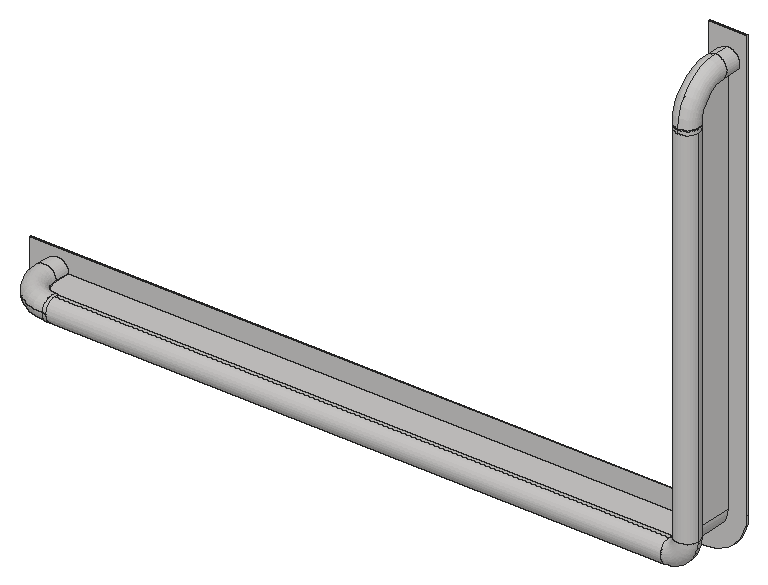
Revit family "Grab Rail_Metlam_90 Deg_Anti Ligature_Left", category Specialty Equipment, Revit 2016
Family settings
  Part Type = Normal
  Round Connector Dimension = Use Diameter
  OmniClass Number = 23.40.20.21.47
  OmniClass Title = Bath Grab Bars
  Work Plane-Based = No
  Always vertical = Yes
  Cut with Voids When Loaded = No
  Shared = No
  Room Calculation Point = Yes
Parameters (values of type "982w x 90d x 632d (MLR103_AL)")
  Width = 982 mm  # constant formula
  URL = "http://www.metlam.com.au/"
  Type Comments = "Grab Rails"  # constant formula
  Model = "MLR103_AL"
  Material_ANZRS = z_Metlam_Metal_Stainless Steel_Satin
  Manufacturer_Width = 950 mm  # constant formula
  Manufacturer_URL__Product Specific = "https://metlam.com.au/product/content/anti-ligature-products/MLR103_AL_"
  Manufacturer_Spec Code = Model  # "MLR103_AL"
  Manufacturer_Height From FFL [instance] = 800 mm
  Manufacturer_Height = 600 mm  # constant formula
  Manufacturer_Depth = Depth  # 90 mm
  Manufacturer = "Metlam"  # constant formula
  Keynote = ""
  Height = 632 mm  # constant formula
  Description = "90° Anti-Ligature Left Hand Grab Rail"  # constant formula
  Depth = 90 mm  # constant formula
  CreatedBy_ANZRS = "IGS BIM Solutions"  # constant formula
  CreatedByURL_ANZRS = "http://www.igsgroup.com.au/"
  Assembly Code = ""
Reference planes
  plane 1 "Back": y = 0
  plane 2 "Ref. Level": z = 0
  plane 3 "Horizontal Rail_Centre (Elevation)": z = 784
  plane 4 "Horizontal Rail_ Centre (Left/Right)": x = -336
  plane 5 "Front": y = -90
  plane 6 "Vertical Rail_Centre (Left/Right)": x = 614
  plane 7 "Vertical Rail_Centre (Elevation)": z = 1384
  plane 8 "Mounting Height": z = 800
  plane 9 "Left": x = -375
  plane 10 "Horizontal Rail_Left": x = -352
  plane 11 "Vertical Rail_Right": x = 630
  plane 12 "Right": x = 641.5
  plane 13 "Vertical Rail_Left": x = 598
  plane 14 "Horizontal Rail_Bottom": z = 768
  plane 15 "Bottom": z = 756.5
  plane 16 "Vertical Rail_Top": z = 1400
  plane 17 "Top": z = 1423
Forms (mm)
  Sweep 1, solid, material "z_Metlam_Metal_Stainless Steel_Satin" <- "Material_ANZRS"
    path origin (514, 0, 0) x (1, 0, 0) y (0, 0, 1)
      loop
        line (-795, 784) -> (75, 784)
        arc (75, 784) -> (92.678, 791.322) -> (100, 809) r 25
        line (100, 809) -> (100, 1327.713)
    profile origin (154, 0, 784) x (0, 0, 1) y (0, -1, 0)
      loop
        circle (0, 74) r 16
  Sweep 2, solid, material "z_Metlam_Metal_Stainless Steel_Satin" <- "Material_ANZRS"
    path origin (347.969, 0, 784) x (0, -1, 0) y (1, 0, 0)
      loop
        line (0, -683.969) -> (24, -683.969)
        arc (24, -683.969) -> (59.355, -669.325) -> (74, -633.969) r 50
        line (74, -633.969) -> (74, -628.969)
    profile origin (-283.5, -74, 784) x (0, 1, 0) y (0, 0, 1)
      loop
        circle (0, 0) r 16
  Sweep 3, solid, material "z_Metlam_Metal_Stainless Steel_Satin" <- "Material_ANZRS"
    path origin (614, 0, 0) x (0, 1, 0) y (0, 0, 1)
      loop
        line (0, 1384) -> (-24, 1384)
        arc (-24, 1384) -> (-59.355, 1369.355) -> (-74, 1334) r 50
        line (-74, 1334) -> (-74, 1332.713) -> (-74, 1327.713)
    profile origin (614, -12, 1384) x (0, 0, -1) y (1, 0, 0)
      loop
        circle (0, 0) r 16
  Sweep 4, solid, material "z_Metlam_Metal_Stainless Steel_Satin" <- "Material_ANZRS"
    path origin (514, 0, 0) x (1, 0, 0) y (0, 0, 1)
      loop
        line (-889, 784) -> (70, 784)
        arc (70, 784) -> (91.213, 792.787) -> (100, 814) r 30
        line (100, 814) -> (100, 1423)
    profile origin (104.5, 0, 784) x (0, 0, 1) y (0, -1, 0)
      loop
        line (27.5, 0) -> (27.5, 2) -> (-27.5, 2) -> (-27.5, 0) -> (27.5, 0)
  Sweep 5, solid, material "z_Metlam_Metal_Stainless Steel_Satin" <- "Material_ANZRS"
    path origin (514, 0, 0) x (1, 0, 0) y (0, 0, 1)
      loop
        line (-850, 781.5) -> (70, 781.5)
        arc (70, 781.5) -> (91.213, 790.287) -> (100, 811.5) r 30
        line (100, 811.5) -> (100, 1384)
    profile origin (124, 0, 781.5) x (0, 0, 1) y (0, -1, 0)
      loop
        line (0.5, 2) -> (2.5, 2) -> (2.5, 58.197) -> (0.5, 58.197) -> (0.5, 2)
Cuts and joins
  joined: Sweep 1, Sweep 2, Sweep 3
Lines and regions (mm)
  Masking region 1
    outline origin (0, 0, 784) x (-1, 0, 0) y (0, -1, 0)
      loop
        line (-630, 2) -> (-641.5, 2) -> (-641.5, 0) -> (375, 0) -> (375, 2) -> (352, 2) -> (352, 24)
        arc (352, 24) -> (332.669, 70.669) -> (286, 90) r 66
        line (286, 90) -> (-614, 90)
        arc (-614, 90) -> (-625.314, 85.314) -> (-630, 74) r 16
        line (-630, 74) -> (-630, 2)
  symbolic lines, style "Grab Rails", detail levels medium+fine
    curve 1: line (630.001, -2, 784) -> (-352, -2, 784)
    curve 2: line (598, -74, 784) -> (598, -2, 784)
    curve 3: arc (598, -74, 784) -> (602.686, -85.314, 784) -> (614, -90, 784) r 16
    curve 4: line (598, -58, 784) -> (-286, -58, 784)
    curve 5: arc (-286, -58, 784) -> (-310.042, -48.042, 784) -> (-320, -24, 784) r 34
    curve 6: line (-320, -24, 784) -> (-320, -2, 784)
  symbolic lines, style "Grab Rails", detail levels fine
    curve 7: line (586.5, -2, 784) -> (586.5, 0, 784)
  symbolic lines, style "Grab Rails"
    curve 8: arc (-336, -90, 768) -> (-352, -90, 784) -> (-336, -90, 800) r 16
    curve 9: arc (598, -90, 1384) -> (614, -90, 1400) -> (630, -90, 1384) r 16
Text (mm)
  text "> Contact Manufacturer to confirm feasibility of design variations outside the scope of this Revit Family\n\n\n\nDisclaimer:\n\nDue to ongoing product development and manufacturing evolution, product details are subject to change without notice. Please refer to product technical data sheets on the manufacturer’s website for the most current product information. Please allow a +/- 5mm manufacturing tolerance for dimensions and set-outs shown in product literature." at (798.201, 322.72, 0), in view "Ref. Level_Instruction"
Dimensions and locks
  "Manufacturer_Height From FFL": plane 8 "Mounting Height" to plane 2 "Ref. Level"
  "Manufacturer_Width": plane 4 "Horizontal Rail_ Centre (Left/Right)" to plane 6 "Vertical Rail_Centre (Left/Right)"
  "Depth": plane 5 "Front" to plane 1 "Back"
  "Manufacturer_Height": plane 7 "Vertical Rail_Centre (Elevation)" to plane 3 "Horizontal Rail_Centre (Elevation)"
  "Width": plane 10 "Horizontal Rail_Left" to plane 11 "Vertical Rail_Right"
  "Height": plane 16 "Vertical Rail_Top" to plane 14 "Horizontal Rail_Bottom"
  locked: plane 11 "Vertical Rail_Right" to plane 12 "Right" at 11.5
  locked: plane 13 "Vertical Rail_Left" to plane 6 "Vertical Rail_Centre (Left/Right)" at 16
  locked: plane 10 "Horizontal Rail_Left" to plane 4 "Horizontal Rail_ Centre (Left/Right)" at 16
  locked: plane 9 "Left" to plane 10 "Horizontal Rail_Left" at 23
  plane 6 "Vertical Rail_Centre (Left/Right)" to plane 11 "Vertical Rail_Right" = 16 mm
  locked: plane 14 "Horizontal Rail_Bottom" to plane 15 "Bottom" at 11.5
  locked: plane 3 "Horizontal Rail_Centre (Elevation)" to plane 14 "Horizontal Rail_Bottom" at 16
  locked: plane 8 "Mounting Height" to plane 3 "Horizontal Rail_Centre (Elevation)" at 16
  locked: plane 17 "Top" to plane 16 "Vertical Rail_Top" at 23
  aligned and locked: level to plane 2 "Ref. Level"
Automatic sketch dimensions
  plane 1 "Back" to Sweep 1 sketch curve = 74 mm
  profile plane to Sweep 1 sketch curve = 0 mm
  Sweep 2 sketch curve to plane 3 "Horizontal Rail_Centre (Elevation)" = 0 mm
  Sweep 2 sketch curve to profile plane = 0 mm
  Sweep 3 sketch curve to profile plane = 0 mm
  Sweep 1 sketch curve to plane 3 "Horizontal Rail_Centre (Elevation)" = 0 mm
  Sweep 1 sketch curve to plane 6 "Vertical Rail_Centre (Left/Right)" = 0 mm
  Sweep 1 sketch curve to plane 6 "Vertical Rail_Centre (Left/Right)" = 25 mm
  plane 4 "Horizontal Rail_ Centre (Left/Right)" to Sweep 1 sketch curve = 55 mm
  Sweep 1 sketch curve to plane 7 "Vertical Rail_Centre (Elevation)" = 56.287 mm
  Sweep 4 sketch curve to plane 1 "Back" = 0 mm
  profile plane to Sweep 4 sketch curve = 27.5 mm
  plane 1 "Back" to Sweep 4 sketch curve = 2 mm
  plane 1 "Back" to Sweep 2 sketch curve = 0 mm
  Sweep 2 sketch curve to plane 4 "Horizontal Rail_ Centre (Left/Right)" = 0 mm
  plane 1 "Back" to Sweep 2 sketch curve = 24 mm
  plane 5 "Front" to Sweep 2 sketch curve = 16 mm
  Sweep 2 sketch curve to Sweep 2 sketch curve = 5 mm
  Sweep 3 sketch curve to plane 7 "Vertical Rail_Centre (Elevation)" = 0 mm
  Sweep 3 sketch curve to plane 1 "Back" = 0 mm
  Sweep 3 sketch curve to Sweep 3 sketch curve = 24 mm
  plane 5 "Front" to Sweep 3 sketch curve = 16 mm
  Sweep 3 sketch curve to Sweep 3 sketch curve = 1.287 mm
  Sweep 3 sketch curve to Sweep 3 sketch curve = 5 mm
  Sweep 4 sketch curve to plane 3 "Horizontal Rail_Centre (Elevation)" = 0 mm
  Sweep 4 sketch curve to plane 6 "Vertical Rail_Centre (Left/Right)" = 0 mm
  Sweep 4 sketch curve to plane 6 "Vertical Rail_Centre (Left/Right)" = 30 mm
  Sweep 4 sketch curve to plane 4 "Horizontal Rail_ Centre (Left/Right)" = 39 mm
  plane 7 "Vertical Rail_Centre (Elevation)" to Sweep 4 sketch curve = 39 mm
  Sweep 5 sketch curve to profile plane = 0.5 mm
  Sweep 5 sketch curve to profile plane = 2.5 mm
  Sweep 5 sketch curve to Sweep 5 sketch curve = 56.197 mm
  plane 1 "Back" to Sweep 5 sketch curve = 2 mm
  Sweep 5 sketch curve to plane 3 "Horizontal Rail_Centre (Elevation)" = 2.5 mm
  Sweep 5 sketch curve to plane 4 "Horizontal Rail_ Centre (Left/Right)" = 0 mm
  Sweep 5 sketch curve to plane 6 "Vertical Rail_Centre (Left/Right)" = 0 mm
  Sweep 5 sketch curve to plane 7 "Vertical Rail_Centre (Elevation)" = 0 mm
  Sweep 5 sketch curve to Sweep 5 sketch curve = 30 mm
  Sweep 4 sketch curve to profile plane = 27.5 mm
  plane 1 "Back" to curve 7 = 0 mm
  plane 6 "Vertical Rail_Centre (Left/Right)" to curve 1 = 16.001 mm
  plane 1 "Back" to curve 7 = 2 mm
  curve 2 to curve 7 = 11.5 mm
  curve 1 to plane 4 "Horizontal Rail_ Centre (Left/Right)" = 16 mm
  Sweep 3 sketch curve to plane 6 "Vertical Rail_Centre (Left/Right)" = 0 mm
  curve 3 to plane 6 "Vertical Rail_Centre (Left/Right)" = 0 mm
  plane 1 "Back" to curve 5 = 24 mm
  plane 5 "Front" to curve 3 = 16 mm
  curve 4 to plane 6 "Vertical Rail_Centre (Left/Right)" = 16 mm
  plane 4 "Horizontal Rail_ Centre (Left/Right)" to curve 6 = 16 mm
  curve 4 to curve 2 = 16 mm
  plane 1 "Back" to Masking region 1 sketch curve = 0 mm
  Masking region 1 sketch curve to plane 6 "Vertical Rail_Centre (Left/Right)" = 0 mm
  plane 1 "Back" to Masking region 1 sketch curve = 2 mm  (x2)
  plane 6 "Vertical Rail_Centre (Left/Right)" to Masking region 1 sketch curve = 16 mm
  Masking region 1 sketch curve to Masking region 1 sketch curve = 11.5 mm
  plane 1 "Back" to Masking region 1 sketch curve = 24 mm
  plane 4 "Horizontal Rail_ Centre (Left/Right)" to Masking region 1 sketch curve = 50 mm
  Masking region 1 sketch curve to plane 4 "Horizontal Rail_ Centre (Left/Right)" = 16 mm
  Masking region 1 sketch curve to Masking region 1 sketch curve = 23 mm
  curve 9 to plane 7 "Vertical Rail_Centre (Elevation)" = 0 mm
  curve 9 to plane 11 "Vertical Rail_Right" = 0 mm
  curve 9 to plane 6 "Vertical Rail_Centre (Left/Right)" = 0 mm
  curve 8 to plane 4 "Horizontal Rail_ Centre (Left/Right)" = 0 mm
  curve 8 to plane 14 "Horizontal Rail_Bottom" = 0 mm
  curve 8 to plane 3 "Horizontal Rail_Centre (Elevation)" = 0 mm
  radius of Sweep 1 sketch curve = 16 mm
  radius of Sweep 2 sketch curve = 16 mm
  radius of Sweep 3 sketch curve = 16 mm
